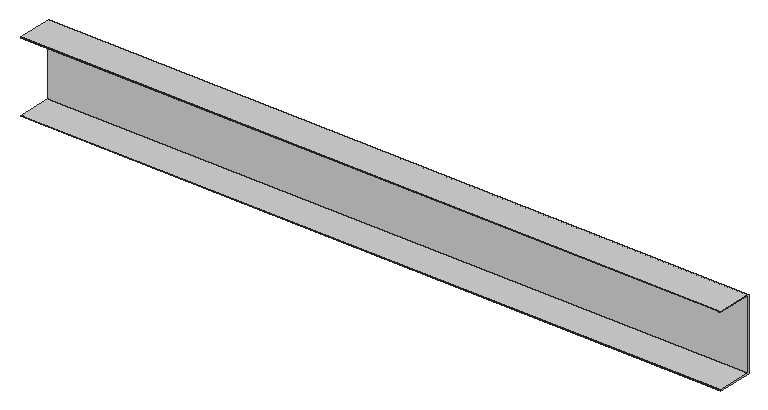
Revit family "BIMSF-SSMA-T-Horizontal-STRUCTURAL", category Structural Framing, Revit 2024
Family settings
  Section Shape = C Profile
  Material for Model Behavior = Steel
  Always export as geometry = No
  Always vertical = Yes
  Cut with Voids When Loaded = No
  Symbolic Representation = From Project Settings
  Shared = No
  Show family pre-cut in plan views = Yes
Parameters (values of type "600T300-33(33)")
  tf1 = 0' - 0"
  temp_tf = if(tf < 0' 0 1/32", 0' 0 1/32", tf)  # 0' - 0.035"
  r = 0' - 0.035"
  Weight = 0.00 lbf/ft
  Vy = 0.00 lbf
  Sx = 0.00 in³
  Structural Material [instance] = Metal - Steel - ASTM A992
  Short Tag = ""
  Reported Length [instance] = 5' - 0"
  Mx = 0.00 kip-ft
  Model = "V2"
  Long Tag = ""
  Iy = 0.00 in⁴
  Ix = 0.00 in⁴
  Fy = 0.00 ksi
  DimpleLine = 0' - 0"
  Area = 0.00 in²
  Assembly Code = "B10"
  Length [instance] = 5' - 0"
  bf = 0' - 3"
  d = 0' - 6"
  tf = 0' - 0.035"
Reference planes (in)
  plane 1 "Center (Front/Back)": y = 0
  plane 2: z = 0
  plane 3 "Center (Left/Right)": x = 0.1815
  plane 4 "Top": z = 3.035
  plane 5: z = -3.035
  plane 6 "Left": x = -29.8185
  plane 7 "Right": x = 30.1815
  plane 8: y = -1.5
  plane 9: y = 1.5
  plane 10: y = 1.465
  plane 11: z = 3
  plane 12: z = -3
Forms (in)
  Extrusion 1, solid, material "Metal - Steel - ASTM A992" <- "Structural Material", detail levels medium+fine
    sketch origin (-29.8185, 0.02734, 0.16016) x (0, -1, 0) y (0, 0, 1)
      loop
        line (1.52734, 2.87484) -> (-1.47266, 2.87484) -> (-1.47266, -3.19516) -> (1.52734, -3.19516) -> (1.52734, -3.16016) -> (-1.43766, -3.16016) -> (-1.43766, 2.83984) -> (1.52734, 2.83984) -> (1.52734, 2.87484)
    from -60 to 0
Lines and regions (in)
  model lines, style "BIMSF.Framing", not visible, detail levels coarse
    curve 1: line (-29.8185, 0, 0) -> (30.1815, 0, 0)
Dimensions and locks (in)
  "d": plane 12 to plane 11
  equal spacing: plane 5, plane 2, plane 4 "Top"
  "Length": plane 6 "Left" to plane 7 "Right"
  "bf": plane 9 to plane 8
  equal spacing: plane 9, plane 1 "Center (Front/Back)", plane 8
  "tf": plane 4 "Top" to plane 11
  "tf": plane 12 to plane 5
  "tf": plane 9 to plane 10
  "Reported Length": plane 6 "Left" to plane 7 "Right"
  aligned and locked: Extrusion 1 sketch curve to plane 4 "Top"
  aligned and locked: plane 8 to Extrusion 1 sketch curve  (x2)
  aligned and locked: Extrusion 1 sketch curve to plane 11
  aligned and locked: plane 10 to Extrusion 1 sketch curve
  aligned and locked: plane 12 to Extrusion 1 sketch curve
  aligned and locked: plane 5 to Extrusion 1 sketch curve
  aligned and locked: Extrusion 1 sketch curve to plane 9
  aligned and locked: plane 2 to level
  aligned and locked: Extrusion 1 to plane 7 "Right"
  aligned and locked: plane 6 "Left" to Extrusion 1
  aligned and locked: plane 1 "Center (Front/Back)" to curve 1
  aligned and locked: plane 6 "Left" to curve 1
  aligned and locked: plane 7 "Right" to curve 1
Types in the file's own list only (197): name | temp_tf | r | Weight | Vy | Sx | Mx | Iy | Ix | Fy | Area | bf | d | tf
  162T125-27(33) | 0' - 0" | 0' - 0" | 0.40 lbf/ft | 541.00 lb | 0.04 in³ | 0.07 kip-ft | 0.02 in⁴ | 0.05 in⁴ | 33.00 ksi | 0.12 in² | 0' - 1 1/2" | 0' - 1 1/2" | 0' - 0"
  162T125-30(33) | 0' - 0" | 0' - 0" | 0.44 lbf/ft | 597.00 lb | 0.05 in³ | 0.08 kip-ft | 0.02 in⁴ | 0.06 in⁴ | 33.00 ksi | 0.13 in² | 0' - 1 1/2" | 0' - 1 1/2" | 0' - 0"
  162T125-33(33) | 0' - 0" | 0' - 0" | 0.49 lbf/ft | 663.00 lb | 0.06 in³ | 0.10 kip-ft | 0.02 in⁴ | 0.07 in⁴ | 33.00 ksi | 0.14 in² | 0' - 1 1/2" | 0' - 1 1/2" | 0' - 0"
  250T125-27(33) | 0' - 0" | 0' - 0" | 0.48 lbf/ft | 685.00 lb | 0.08 in³ | 0.14 kip-ft | 0.02 in⁴ | 0.13 in⁴ | 33.00 ksi | 0.14 in² | 0' - 1 1/2" | 0' - 2 1/2" | 0' - 0"
  250T125-30(33) | 0' - 0" | 0' - 0" | 0.53 lbf/ft | 832.00 lb | 0.09 in³ | 0.15 kip-ft | 0.03 in⁴ | 0.15 in⁴ | 33.00 ksi | 0.16 in² | 0' - 1 1/2" | 0' - 2 1/2" | 0' - 0"
  250T125-33(33) | 0' - 0" | 0' - 0" | 0.59 lbf/ft | 1024.00 lb | 0.10 in³ | 0.17 kip-ft | 0.03 in⁴ | 0.17 in⁴ | 33.00 ksi | 0.17 in² | 0' - 1 1/2" | 0' - 2 1/2" | 0' - 0"
  250T125-43(33) | 0' - 0" | 0' - 0" | 0.77 lbf/ft | 1356.00 lb | 0.15 in³ | 0.24 kip-ft | 0.04 in⁴ | 0.23 in⁴ | 33.00 ksi | 0.23 in² | 0' - 1 1/2" | 0' - 2 1/2" | 0' - 0"
  250T125-54(50) | 0' - 0" | 0' - 0" | 0.96 lbf/ft | 2563.00 lb | 0.19 in³ | 0.47 kip-ft | 0.04 in⁴ | 0.30 in⁴ | 50.00 ksi | 0.28 in² | 0' - 1 1/2" | 0' - 2 1/2" | 0' - 0"
  250T125-68(50) | 0' - 0" | 0' - 0" | 1.21 lbf/ft | 3199.00 lb | 0.26 in³ | 0.65 kip-ft | 0.05 in⁴ | 0.40 in⁴ | 50.00 ksi | 0.36 in² | 0' - 1 1/2" | 0' - 2 1/2" | 0' - 0"
  250T150-27(33) | 0' - 0" | 0' - 0" | 0.53 lbf/ft | 685.00 lb | 0.08 in³ | 0.13 kip-ft | 0.04 in⁴ | 0.14 in⁴ | 33.00 ksi | 0.16 in² | 0' - 1 1/2" | 0' - 2 1/2" | 0' - 0"
  250T150-30(33) | 0' - 0" | 0' - 0" | 0.58 lbf/ft | 832.00 lb | 0.09 in³ | 0.15 kip-ft | 0.04 in⁴ | 0.16 in⁴ | 33.00 ksi | 0.17 in² | 0' - 1 1/2" | 0' - 2 1/2" | 0' - 0"
  250T150-33(33) | 0' - 0" | 0' - 0" | 0.65 lbf/ft | 1024.00 lb | 0.11 in³ | 0.18 kip-ft | 0.05 in⁴ | 0.18 in⁴ | 33.00 ksi | 0.19 in² | 0' - 1 1/2" | 0' - 2 1/2" | 0' - 0"
  250T150-43(33) | 0' - 0" | 0' - 0" | 0.84 lbf/ft | 1356.00 lb | 0.15 in³ | 0.25 kip-ft | 0.06 in⁴ | 0.25 in⁴ | 33.00 ksi | 0.25 in² | 0' - 1 1/2" | 0' - 2 1/2" | 0' - 0"
  250T150-54(33) | 0' - 0" | 0' - 0" | 1.06 lbf/ft | 1692.00 lb | 0.21 in³ | 0.35 kip-ft | 0.07 in⁴ | 0.34 in⁴ | 33.00 ksi | 0.31 in² | 0' - 1 1/2" | 0' - 2 1/2" | 0' - 0"
  250T150-54(50) | 0' - 0" | 0' - 0" | 1.06 lbf/ft | 2563.00 lb | 0.20 in³ | 0.49 kip-ft | 0.07 in⁴ | 0.33 in⁴ | 50.00 ksi | 0.31 in² | 0' - 1 1/2" | 0' - 2 1/2" | 0' - 0"
  250T150-68(33) | 0' - 0" | 0' - 0" | 1.33 lbf/ft | 2111.00 lb | 0.30 in³ | 0.49 kip-ft | 0.09 in⁴ | 0.47 in⁴ | 33.00 ksi | 0.39 in² | 0' - 1 1/2" | 0' - 2 1/2" | 0' - 0"
  250T150-68(50) | 0' - 0" | 0' - 0" | 1.33 lbf/ft | 3199.00 lb | 0.28 in³ | 0.69 kip-ft | 0.09 in⁴ | 0.46 in⁴ | 50.00 ksi | 0.39 in² | 0' - 1 1/2" | 0' - 2 1/2" | 0' - 0"
  250T200-33(33) | 0' - 0" | 0' - 0" | 0.76 lbf/ft | 1024.00 lb | 0.11 in³ | 0.19 kip-ft | 0.10 in⁴ | 0.20 in⁴ | 33.00 ksi | 0.23 in² | 0' - 2" | 0' - 2 1/2" | 0' - 0"
  250T200-43(33) | 0' - 0" | 0' - 0" | 1.00 lbf/ft | 1356.00 lb | 0.16 in³ | 0.27 kip-ft | 0.13 in⁴ | 0.29 in⁴ | 33.00 ksi | 0.29 in² | 0' - 2" | 0' - 2 1/2" | 0' - 0"
  250T200-54(33) | 0' - 0" | 0' - 0" | 1.25 lbf/ft | 1692.00 lb | 0.23 in³ | 0.38 kip-ft | 0.16 in⁴ | 0.40 in⁴ | 33.00 ksi | 0.37 in² | 0' - 2" | 0' - 2 1/2" | 0' - 0"
  250T200-54(50) | 0' - 0" | 0' - 0" | 1.25 lbf/ft | 2563.00 lb | 0.21 in³ | 0.52 kip-ft | 0.16 in⁴ | 0.37 in⁴ | 50.00 ksi | 0.37 in² | 0' - 2" | 0' - 2 1/2" | 0' - 0"
  250T200-68(33) | 0' - 0" | 0' - 0" | 1.57 lbf/ft | 2111.00 lb | 0.32 in³ | 0.53 kip-ft | 0.20 in⁴ | 0.55 in⁴ | 33.00 ksi | 0.46 in² | 0' - 2" | 0' - 2 1/2" | 0' - 0"
  250T200-68(50) | 0' - 0" | 0' - 0" | 1.57 lbf/ft | 3199.00 lb | 0.30 in³ | 0.74 kip-ft | 0.20 in⁴ | 0.52 in⁴ | 50.00 ksi | 0.46 in² | 0' - 2" | 0' - 2 1/2" | 0' - 0"
  350T125-18(33) | 0' - 0" | 0' - 0" | 0.38 lbf/ft | 175.00 lb | 0.06 in³ | 0.10 kip-ft | 0.02 in⁴ | 0.17 in⁴ | 33.00 ksi | 0.11 in² | 0' - 1 1/2" | 0' - 3 1/2" | 0' - 0"
  350T125-27(33) | 0' - 0" | 0' - 0" | 0.58 lbf/ft | 590.00 lb | 0.13 in³ | 0.21 kip-ft | 0.03 in⁴ | 0.28 in⁴ | 33.00 ksi | 0.17 in² | 0' - 1 1/2" | 0' - 3 1/2" | 0' - 0"
  350T125-30(33) | 0' - 0" | 0' - 0" | 0.64 lbf/ft | 790.00 lb | 0.15 in³ | 0.24 kip-ft | 0.03 in⁴ | 0.31 in⁴ | 33.00 ksi | 0.19 in² | 0' - 1 1/2" | 0' - 3 1/2" | 0' - 0"
  350T125-33(33) | 0' - 0" | 0' - 0" | 0.71 lbf/ft | 1024.00 lb | 0.17 in³ | 0.27 kip-ft | 0.03 in⁴ | 0.35 in⁴ | 33.00 ksi | 0.21 in² | 0' - 1 1/2" | 0' - 3 1/2" | 0' - 0"
  350T125-43(33) | 0' - 0" | 0' - 0" | 0.92 lbf/ft | 1739.00 lb | 0.23 in³ | 0.38 kip-ft | 0.04 in⁴ | 0.49 in⁴ | 33.00 ksi | 0.27 in² | 0' - 1 1/2" | 0' - 3 1/2" | 0' - 0"
  350T125-54(33) | 0' - 0" | 0' - 0" | 1.15 lbf/ft | 2392.00 lb | 0.32 in³ | 0.52 kip-ft | 0.05 in⁴ | 0.65 in⁴ | 33.00 ksi | 0.34 in² | 0' - 1 1/2" | 0' - 3 1/2" | 0' - 0"
  350T125-54(50) | 0' - 0" | 0' - 0" | 1.15 lbf/ft | 3372.00 lb | 0.30 in³ | 0.74 kip-ft | 0.05 in⁴ | 0.63 in⁴ | 50.00 ksi | 0.34 in² | 0' - 1 1/2" | 0' - 3 1/2" | 0' - 0"
  350T125-68(33) | 0' - 0" | 0' - 0" | 1.45 lbf/ft | 2994.00 lb | 0.41 in³ | 0.71 kip-ft | 0.06 in⁴ | 0.84 in⁴ | 33.00 ksi | 0.43 in² | 0' - 1 1/2" | 0' - 3 1/2" | 0' - 0"
  350T125-68(50) | 0' - 0" | 0' - 0" | 1.45 lbf/ft | 4536.00 lb | 0.43 in³ | 1.02 kip-ft | 0.06 in⁴ | 0.85 in⁴ | 50.00 ksi | 0.43 in² | 0' - 1 1/2" | 0' - 3 1/2" | 0' - 0"
  350T150-27(33) | 0' - 0" | 0' - 0" | 0.63 lbf/ft | 590.00 lb | 0.13 in³ | 0.22 kip-ft | 0.04 in⁴ | 0.30 in⁴ | 33.00 ksi | 0.18 in² | 0' - 1 1/2" | 0' - 3 1/2" | 0' - 0"
  350T150-30(33) | 0' - 0" | 0' - 0" | 0.69 lbf/ft | 790.00 lb | 0.15 in³ | 0.25 kip-ft | 0.05 in⁴ | 0.34 in⁴ | 33.00 ksi | 0.20 in² | 0' - 1 1/2" | 0' - 3 1/2" | 0' - 0"
  350T150-33(33) | 0' - 0" | 0' - 0" | 0.76 lbf/ft | 1024.00 lb | 0.17 in³ | 0.28 kip-ft | 0.05 in⁴ | 0.38 in⁴ | 33.00 ksi | 0.23 in² | 0' - 1 1/2" | 0' - 3 1/2" | 0' - 0"
  350T150-43(33) | 0' - 0" | 0' - 0" | 1.00 lbf/ft | 1739.00 lb | 0.24 in³ | 0.40 kip-ft | 0.06 in⁴ | 0.53 in⁴ | 33.00 ksi | 0.29 in² | 0' - 1 1/2" | 0' - 3 1/2" | 0' - 0"
  350T150-54(33) | 0' - 0" | 0' - 0" | 1.25 lbf/ft | 2392.00 lb | 0.33 in³ | 0.55 kip-ft | 0.08 in⁴ | 0.71 in⁴ | 33.00 ksi | 0.37 in² | 0' - 1 1/2" | 0' - 3 1/2" | 0' - 0"
  350T150-54(50) | 0' - 0" | 0' - 0" | 1.25 lbf/ft | 3372.00 lb | 0.31 in³ | 0.77 kip-ft | 0.08 in⁴ | 0.68 in⁴ | 50.00 ksi | 0.37 in² | 0' - 1 1/2" | 0' - 3 1/2" | 0' - 0"
  350T150-68(33) | 0' - 0" | 0' - 0" | 1.57 lbf/ft | 2994.00 lb | 0.43 in³ | 0.76 kip-ft | 0.10 in⁴ | 0.92 in⁴ | 33.00 ksi | 0.46 in² | 0' - 1 1/2" | 0' - 3 1/2" | 0' - 0"
  350T150-68(50) | 0' - 0" | 0' - 0" | 1.57 lbf/ft | 4536.00 lb | 0.46 in³ | 1.07 kip-ft | 0.10 in⁴ | 0.96 in⁴ | 50.00 ksi | 0.46 in² | 0' - 1 1/2" | 0' - 3 1/2" | 0' - 0"
  350T200-33(33) | 0' - 0" | 0' - 0" | 0.88 lbf/ft | 1024.00 lb | 0.18 in³ | 0.30 kip-ft | 0.11 in⁴ | 0.43 in⁴ | 33.00 ksi | 0.26 in² | 0' - 2" | 0' - 3 1/2" | 0' - 0"
  350T200-43(33) | 0' - 0" | 0' - 0" | 1.15 lbf/ft | 1739.00 lb | 0.26 in³ | 0.42 kip-ft | 0.14 in⁴ | 0.60 in⁴ | 33.00 ksi | 0.34 in² | 0' - 2" | 0' - 3 1/2" | 0' - 0"
  350T200-54(33) | 0' - 0" | 0' - 0" | 1.44 lbf/ft | 2392.00 lb | 0.36 in³ | 0.58 kip-ft | 0.18 in⁴ | 0.81 in⁴ | 33.00 ksi | 0.42 in² | 0' - 2" | 0' - 3 1/2" | 0' - 0"
  350T200-54(50) | 0' - 0" | 0' - 0" | 1.44 lbf/ft | 3372.00 lb | 0.33 in³ | 0.82 kip-ft | 0.18 in⁴ | 0.77 in⁴ | 50.00 ksi | 0.42 in² | 0' - 2" | 0' - 3 1/2" | 0' - 0"
  350T200-68(33) | 0' - 0" | 0' - 0" | 1.82 lbf/ft | 2994.00 lb | 0.50 in³ | 0.82 kip-ft | 0.22 in⁴ | 1.11 in⁴ | 33.00 ksi | 0.53 in² | 0' - 2" | 0' - 3 1/2" | 0' - 0"
  350T200-68(50) | 0' - 0" | 0' - 0" | 1.82 lbf/ft | 4536.00 lb | 0.46 in³ | 1.14 kip-ft | 0.22 in⁴ | 1.05 in⁴ | 50.00 ksi | 0.53 in² | 0' - 2" | 0' - 3 1/2" | 0' - 0"
  362T125-18(33) | 0' - 0" | 0' - 0" | 0.39 lbf/ft | 169.00 lb | 0.07 in³ | 0.11 kip-ft | 0.02 in⁴ | 0.19 in⁴ | 33.00 ksi | 0.12 in² | 0' - 1 1/2" | 0' - 3 1/2" | 0' - 0"
  362T125-27(33) | 0' - 0" | 0' - 0" | 0.59 lbf/ft | 569.00 lb | 0.14 in³ | 0.22 kip-ft | 0.03 in⁴ | 0.30 in⁴ | 33.00 ksi | 0.17 in² | 0' - 1 1/2" | 0' - 3 1/2" | 0' - 0"
  362T125-30(33) | 0' - 0" | 0' - 0" | 0.65 lbf/ft | 762.00 lb | 0.15 in³ | 0.25 kip-ft | 0.03 in⁴ | 0.34 in⁴ | 33.00 ksi | 0.19 in² | 0' - 1 1/2" | 0' - 3 1/2" | 0' - 0"
  362T125-33(33) | 0' - 0" | 0' - 0" | 0.72 lbf/ft | 1024.00 lb | 0.17 in³ | 0.29 kip-ft | 0.03 in⁴ | 0.38 in⁴ | 33.00 ksi | 0.21 in² | 0' - 1 1/2" | 0' - 3 1/2" | 0' - 0"
  362T125-43(33) | 0' - 0" | 0' - 0" | 0.94 lbf/ft | 1739.00 lb | 0.25 in³ | 0.40 kip-ft | 0.04 in⁴ | 0.53 in⁴ | 33.00 ksi | 0.28 in² | 0' - 1 1/2" | 0' - 3 1/2" | 0' - 0"
  362T125-54(33) | 0' - 0" | 0' - 0" | 1.18 lbf/ft | 2480.00 lb | 0.33 in³ | 0.55 kip-ft | 0.05 in⁴ | 0.71 in⁴ | 33.00 ksi | 0.35 in² | 0' - 1 1/2" | 0' - 3 1/2" | 0' - 0"
  362T125-54(50) | 0' - 0" | 0' - 0" | 1.18 lbf/ft | 3372.00 lb | 0.31 in³ | 0.78 kip-ft | 0.05 in⁴ | 0.68 in⁴ | 50.00 ksi | 0.35 in² | 0' - 1 1/2" | 0' - 3 1/2" | 0' - 0"
  362T125-68(33) | 0' - 0" | 0' - 0" | 1.48 lbf/ft | 3104.00 lb | 0.45 in³ | 0.75 kip-ft | 0.06 in⁴ | 0.92 in⁴ | 33.00 ksi | 0.44 in² | 0' - 1 1/2" | 0' - 3 1/2" | 0' - 0"
  362T125-68(50) | 0' - 0" | 0' - 0" | 1.48 lbf/ft | 4703.00 lb | 0.43 in³ | 1.07 kip-ft | 0.06 in⁴ | 0.91 in⁴ | 50.00 ksi | 0.44 in² | 0' - 1 1/2" | 0' - 3 1/2" | 0' - 0"
  362T150-27(33) | 0' - 0" | 0' - 0" | 0.64 lbf/ft | 569.00 lb | 0.14 in³ | 0.23 kip-ft | 0.04 in⁴ | 0.32 in⁴ | 33.00 ksi | 0.19 in² | 0' - 1 1/2" | 0' - 3 1/2" | 0' - 0"
  362T150-30(33) | 0' - 0" | 0' - 0" | 0.70 lbf/ft | 762.00 lb | 0.16 in³ | 0.26 kip-ft | 0.05 in⁴ | 0.36 in⁴ | 33.00 ksi | 0.21 in² | 0' - 1 1/2" | 0' - 3 1/2" | 0' - 0"
  362T150-33(33) | 0' - 0" | 0' - 0" | 0.78 lbf/ft | 1024.00 lb | 0.18 in³ | 0.30 kip-ft | 0.05 in⁴ | 0.41 in⁴ | 33.00 ksi | 0.23 in² | 0' - 1 1/2" | 0' - 3 1/2" | 0' - 0"
  362T150-43(33) | 0' - 0" | 0' - 0" | 1.02 lbf/ft | 1739.00 lb | 0.26 in³ | 0.42 kip-ft | 0.06 in⁴ | 0.57 in⁴ | 33.00 ksi | 0.30 in² | 0' - 1 1/2" | 0' - 3 1/2" | 0' - 0"
  362T150-54(33) | 0' - 0" | 0' - 0" | 1.27 lbf/ft | 2480.00 lb | 0.35 in³ | 0.57 kip-ft | 0.08 in⁴ | 0.77 in⁴ | 33.00 ksi | 0.37 in² | 0' - 1 1/2" | 0' - 3 1/2" | 0' - 0"
  362T150-54(50) | 0' - 0" | 0' - 0" | 1.27 lbf/ft | 3372.00 lb | 0.33 in³ | 0.81 kip-ft | 0.08 in⁴ | 0.74 in⁴ | 50.00 ksi | 0.37 in² | 0' - 1 1/2" | 0' - 3 1/2" | 0' - 0"
  362T150-68(33) | 0' - 0" | 0' - 0" | 1.60 lbf/ft | 3104.00 lb | 0.48 in³ | 0.79 kip-ft | 0.10 in⁴ | 1.03 in⁴ | 33.00 ksi | 0.47 in² | 0' - 1 1/2" | 0' - 3 1/2" | 0' - 0"
  362T150-68(50) | 0' - 0" | 0' - 0" | 1.60 lbf/ft | 4703.00 lb | 0.45 in³ | 1.12 kip-ft | 0.10 in⁴ | 0.99 in⁴ | 50.00 ksi | 0.47 in² | 0' - 1 1/2" | 0' - 3 1/2" | 0' - 0"
  362T200-33(33) | 0' - 0" | 0' - 0" | 0.90 lbf/ft | 1024.00 lb | 0.19 in³ | 0.31 kip-ft | 0.11 in⁴ | 0.46 in⁴ | 33.00 ksi | 0.26 in² | 0' - 2" | 0' - 3 1/2" | 0' - 0"
  362T200-43(33) | 0' - 0" | 0' - 0" | 1.17 lbf/ft | 1739.00 lb | 0.27 in³ | 0.45 kip-ft | 0.14 in⁴ | 0.65 in⁴ | 33.00 ksi | 0.34 in² | 0' - 2" | 0' - 3 1/2" | 0' - 0"
  362T200-54(33) | 0' - 0" | 0' - 0" | 1.47 lbf/ft | 2480.00 lb | 0.37 in³ | 0.61 kip-ft | 0.18 in⁴ | 0.88 in⁴ | 33.00 ksi | 0.43 in² | 0' - 2" | 0' - 3 1/2" | 0' - 0"
  362T200-54(50) | 0' - 0" | 0' - 0" | 1.47 lbf/ft | 3372.00 lb | 0.35 in³ | 0.86 kip-ft | 0.18 in⁴ | 0.83 in⁴ | 50.00 ksi | 0.43 in² | 0' - 2" | 0' - 3 1/2" | 0' - 0"
  362T200-68(33) | 0' - 0" | 0' - 0" | 1.85 lbf/ft | 3104.00 lb | 0.52 in³ | 0.86 kip-ft | 0.22 in⁴ | 1.20 in⁴ | 33.00 ksi | 0.54 in² | 0' - 2" | 0' - 3 1/2" | 0' - 0"
  362T200-68(50) | 0' - 0" | 0' - 0" | 1.85 lbf/ft | 4703.00 lb | 0.48 in³ | 1.20 kip-ft | 0.22 in⁴ | 1.14 in⁴ | 50.00 ksi | 0.54 in² | 0' - 2" | 0' - 3 1/2" | 0' - 0"
  400T125-18(33) | 0' - 0" | 0' - 0" | 0.41 lbf/ft | 153.00 lb | 0.07 in³ | 0.12 kip-ft | 0.02 in⁴ | 0.24 in⁴ | 33.00 ksi | 0.12 in² | 0' - 1 1/2" | 0' - 4" | 0' - 0"
  400T125-27(33) | 0' - 0" | 0' - 0" | 0.63 lbf/ft | 515.00 lb | 0.16 in³ | 0.26 kip-ft | 0.03 in⁴ | 0.38 in⁴ | 33.00 ksi | 0.18 in² | 0' - 1 1/2" | 0' - 4" | 0' - 0"
  400T125-30(33) | 0' - 0" | 0' - 0" | 0.69 lbf/ft | 689.00 lb | 0.18 in³ | 0.29 kip-ft | 0.03 in⁴ | 0.43 in⁴ | 33.00 ksi | 0.20 in² | 0' - 1 1/2" | 0' - 4" | 0' - 0"
  400T125-33(33) | 0' - 0" | 0' - 0" | 0.76 lbf/ft | 940.00 lb | 0.20 in³ | 0.33 kip-ft | 0.03 in⁴ | 0.48 in⁴ | 33.00 ksi | 0.23 in² | 0' - 1 1/2" | 0' - 4" | 0' - 0"
  400T125-43(33) | 0' - 0" | 0' - 0" | 1.00 lbf/ft | 1739.00 lb | 0.28 in³ | 0.46 kip-ft | 0.04 in⁴ | 0.67 in⁴ | 33.00 ksi | 0.29 in² | 0' - 1 1/2" | 0' - 4" | 0' - 0"
  400T125-54(33) | 0' - 0" | 0' - 0" | 1.25 lbf/ft | 2739.00 lb | 0.38 in³ | 0.63 kip-ft | 0.05 in⁴ | 0.88 in⁴ | 33.00 ksi | 0.37 in² | 0' - 1 1/2" | 0' - 4" | 0' - 0"
  400T125-54(50) | 0' - 0" | 0' - 0" | 1.25 lbf/ft | 3372.00 lb | 0.36 in³ | 0.90 kip-ft | 0.05 in⁴ | 0.85 in⁴ | 50.00 ksi | 0.37 in² | 0' - 1 1/2" | 0' - 4" | 0' - 0"
  400T125-68(33) | 0' - 0" | 0' - 0" | 1.57 lbf/ft | 3435.00 lb | 0.52 in³ | 0.85 kip-ft | 0.06 in⁴ | 1.15 in⁴ | 33.00 ksi | 0.46 in² | 0' - 1 1/2" | 0' - 4" | 0' - 0"
  400T125-68(50) | 0' - 0" | 0' - 0" | 1.57 lbf/ft | 5205.00 lb | 0.49 in³ | 1.22 kip-ft | 0.06 in⁴ | 1.13 in⁴ | 50.00 ksi | 0.46 in² | 0' - 1 1/2" | 0' - 4" | 0' - 0"
  400T150-27(33) | 0' - 0" | 0' - 0" | 0.67 lbf/ft | 515.00 lb | 0.15 in³ | 0.25 kip-ft | 0.04 in⁴ | 0.41 in⁴ | 33.00 ksi | 0.20 in² | 0' - 1 1/2" | 0' - 4" | 0' - 0"
  400T150-30(33) | 0' - 0" | 0' - 0" | 0.74 lbf/ft | 689.00 lb | 0.18 in³ | 0.30 kip-ft | 0.05 in⁴ | 0.46 in⁴ | 33.00 ksi | 0.22 in² | 0' - 1 1/2" | 0' - 4" | 0' - 0"
  400T150-33(33) | 0' - 0" | 0' - 0" | 0.82 lbf/ft | 940.00 lb | 0.21 in³ | 0.34 kip-ft | 0.05 in⁴ | 0.52 in⁴ | 33.00 ksi | 0.24 in² | 0' - 1 1/2" | 0' - 4" | 0' - 0"
  400T150-43(33) | 0' - 0" | 0' - 0" | 1.07 lbf/ft | 1739.00 lb | 0.29 in³ | 0.48 kip-ft | 0.07 in⁴ | 0.72 in⁴ | 33.00 ksi | 0.32 in² | 0' - 1 1/2" | 0' - 4" | 0' - 0"
  400T150-54(33) | 0' - 0" | 0' - 0" | 1.35 lbf/ft | 2739.00 lb | 0.40 in³ | 0.66 kip-ft | 0.08 in⁴ | 0.96 in⁴ | 33.00 ksi | 0.40 in² | 0' - 1 1/2" | 0' - 4" | 0' - 0"
  400T150-54(50) | 0' - 0" | 0' - 0" | 1.35 lbf/ft | 3372.00 lb | 0.37 in³ | 0.93 kip-ft | 0.08 in⁴ | 0.92 in⁴ | 50.00 ksi | 0.40 in² | 0' - 1 1/2" | 0' - 4" | 0' - 0"
  400T150-68(33) | 0' - 0" | 0' - 0" | 1.69 lbf/ft | 3435.00 lb | 0.55 in³ | 0.90 kip-ft | 0.10 in⁴ | 1.29 in⁴ | 33.00 ksi | 0.50 in² | 0' - 1 1/2" | 0' - 4" | 0' - 0"
  400T150-68(50) | 0' - 0" | 0' - 0" | 1.69 lbf/ft | 5205.00 lb | 0.51 in³ | 1.28 kip-ft | 0.10 in⁴ | 1.24 in⁴ | 50.00 ksi | 0.50 in² | 0' - 1 1/2" | 0' - 4" | 0' - 0"
  400T200-33(33) | 0' - 0" | 0' - 0" | 0.94 lbf/ft | 940.00 lb | 0.22 in³ | 0.36 kip-ft | 0.11 in⁴ | 0.58 in⁴ | 33.00 ksi | 0.28 in² | 0' - 2" | 0' - 4" | 0' - 0"
  400T200-43(33) | 0' - 0" | 0' - 0" | 1.23 lbf/ft | 1739.00 lb | 0.31 in³ | 0.51 kip-ft | 0.15 in⁴ | 0.81 in⁴ | 33.00 ksi | 0.36 in² | 0' - 2" | 0' - 4" | 0' - 0"
  400T200-54(33) | 0' - 0" | 0' - 0" | 1.54 lbf/ft | 2739.00 lb | 0.43 in³ | 0.70 kip-ft | 0.18 in⁴ | 1.09 in⁴ | 33.00 ksi | 0.45 in² | 0' - 2" | 0' - 4" | 0' - 0"
  400T200-54(50) | 0' - 0" | 0' - 0" | 1.54 lbf/ft | 3372.00 lb | 0.40 in³ | 0.99 kip-ft | 0.18 in⁴ | 1.04 in⁴ | 50.00 ksi | 0.45 in² | 0' - 2" | 0' - 4" | 0' - 0"
  400T200-68(33) | 0' - 0" | 0' - 0" | 1.94 lbf/ft | 3435.00 lb | 0.59 in³ | 0.97 kip-ft | 0.23 in⁴ | 1.49 in⁴ | 33.00 ksi | 0.57 in² | 0' - 2" | 0' - 4" | 0' - 0"
  400T200-68(50) | 0' - 0" | 0' - 0" | 1.94 lbf/ft | 5205.00 lb | 0.55 in³ | 1.37 kip-ft | 0.23 in⁴ | 1.41 in⁴ | 50.00 ksi | 0.57 in² | 0' - 2" | 0' - 4" | 0' - 0"
  550T125-33(33) | 0' - 0" | 0' - 0" | 0.94 lbf/ft | 680.00 lb | 0.27 in³ | 0.44 kip-ft | 0.03 in⁴ | 1.03 in⁴ | 33.00 ksi | 0.28 in² | 0' - 1 1/2" | 0' - 5 1/2" | 0' - 0"
  550T125-43(33) | 0' - 0" | 0' - 0" | 1.23 lbf/ft | 1504.00 lb | 0.42 in³ | 0.69 kip-ft | 0.03 in⁴ | 1.43 in⁴ | 33.00 ksi | 0.36 in² | 0' - 1 1/2" | 0' - 5 1/2" | 0' - 0"
  550T125-54(33) | 0' - 0" | 0' - 0" | 1.54 lbf/ft | 2739.00 lb | 0.60 in³ | 0.98 kip-ft | 0.03 in⁴ | 1.86 in⁴ | 33.00 ksi | 0.45 in² | 0' - 1 1/2" | 0' - 5 1/2" | 0' - 0"
  550T125-54(50) | 0' - 0" | 0' - 0" | 1.54 lbf/ft | 2980.00 lb | 0.54 in³ | 1.33 kip-ft | 0.03 in⁴ | 1.81 in⁴ | 50.00 ksi | 0.45 in² | 0' - 1 1/2" | 0' - 5 1/2" | 0' - 0"
  550T125-68(33) | 0' - 0" | 0' - 0" | 1.94 lbf/ft | 4347.00 lb | 0.81 in³ | 1.33 kip-ft | 0.04 in⁴ | 2.41 in⁴ | 33.00 ksi | 0.57 in² | 0' - 1 1/2" | 0' - 5 1/2" | 0' - 0"
  550T125-68(50) | 0' - 0" | 0' - 0" | 1.94 lbf/ft | 5350.00 lb | 0.77 in³ | 1.92 kip-ft | 0.04 in⁴ | 2.38 in⁴ | 50.00 ksi | 0.57 in² | 0' - 1 1/2" | 0' - 5 1/2" | 0' - 0"
  550T150-33(33) | 0' - 0" | 0' - 0" | 1.00 lbf/ft | 680.00 lb | 0.31 in³ | 0.51 kip-ft | 0.05 in⁴ | 1.12 in⁴ | 33.00 ksi | 0.29 in² | 0' - 1 1/2" | 0' - 5 1/2" | 0' - 0"
  550T150-43(33) | 0' - 0" | 0' - 0" | 1.30 lbf/ft | 1504.00 lb | 0.47 in³ | 0.77 kip-ft | 0.07 in⁴ | 1.52 in⁴ | 33.00 ksi | 0.38 in² | 0' - 1 1/2" | 0' - 5 1/2" | 0' - 0"
  550T150-54(33) | 0' - 0" | 0' - 0" | 1.63 lbf/ft | 2739.00 lb | 0.63 in³ | 1.03 kip-ft | 0.07 in⁴ | 2.01 in⁴ | 33.00 ksi | 0.48 in² | 0' - 1 1/2" | 0' - 5 1/2" | 0' - 0"
  550T150-54(50) | 0' - 0" | 0' - 0" | 1.63 lbf/ft | 2980.00 lb | 0.60 in³ | 1.48 kip-ft | 0.07 in⁴ | 1.93 in⁴ | 50.00 ksi | 0.48 in² | 0' - 1 1/2" | 0' - 5 1/2" | 0' - 0"
  550T150-68(33) | 0' - 0" | 0' - 0" | 2.06 lbf/ft | 4347.00 lb | 0.85 in³ | 1.40 kip-ft | 0.09 in⁴ | 2.66 in⁴ | 33.00 ksi | 0.61 in² | 0' - 1 1/2" | 0' - 5 1/2" | 0' - 0"
  550T150-68(50) | 0' - 0" | 0' - 0" | 2.06 lbf/ft | 5350.00 lb | 0.80 in³ | 2.01 kip-ft | 0.09 in⁴ | 2.57 in⁴ | 50.00 ksi | 0.61 in² | 0' - 1 1/2" | 0' - 5 1/2" | 0' - 0"
  550T200-33(33) | 0' - 0" | 0' - 0" | 1.12 lbf/ft | 680.00 lb | 0.31 in³ | 0.51 kip-ft | 0.11 in⁴ | 1.25 in⁴ | 33.00 ksi | 0.33 in² | 0' - 2" | 0' - 5 1/2" | 0' - 0"
  550T200-43(33) | 0' - 0" | 0' - 0" | 1.46 lbf/ft | 1504.00 lb | 0.50 in³ | 0.82 kip-ft | 0.12 in⁴ | 1.69 in⁴ | 33.00 ksi | 0.43 in² | 0' - 2" | 0' - 5 1/2" | 0' - 0"
  550T200-54(33) | 0' - 0" | 0' - 0" | 1.83 lbf/ft | 2739.00 lb | 0.67 in³ | 1.10 kip-ft | 0.20 in⁴ | 2.25 in⁴ | 33.00 ksi | 0.54 in² | 0' - 2" | 0' - 5 1/2" | 0' - 0"
  550T200-54(50) | 0' - 0" | 0' - 0" | 1.83 lbf/ft | 2980.00 lb | 0.63 in³ | 1.57 kip-ft | 0.20 in⁴ | 2.15 in⁴ | 50.00 ksi | 0.54 in² | 0' - 2" | 0' - 5 1/2" | 0' - 0"
  550T200-68(33) | 0' - 0" | 0' - 0" | 2.30 lbf/ft | 4347.00 lb | 0.91 in³ | 1.51 kip-ft | 0.25 in⁴ | 3.03 in⁴ | 33.00 ksi | 0.68 in² | 0' - 2" | 0' - 5 1/2" | 0' - 0"
  550T200-68(50) | 0' - 0" | 0' - 0" | 2.30 lbf/ft | 5350.00 lb | 0.86 in³ | 2.14 kip-ft | 0.25 in⁴ | 2.89 in⁴ | 50.00 ksi | 0.68 in² | 0' - 2" | 0' - 5 1/2" | 0' - 0"
  600T125-33(33) | 0' - 0" | 0' - 0" | 1.00 lbf/ft | 622.00 lb | 0.30 in³ | 0.49 kip-ft | 0.03 in⁴ | 1.26 in⁴ | 33.00 ksi | 0.29 in² | 0' - 1 1/2" | 0' - 6" | 0' - 0"
  600T125-43(33) | 0' - 0" | 0' - 0" | 1.30 lbf/ft | 1377.00 lb | 0.46 in³ | 0.76 kip-ft | 0.03 in⁴ | 1.77 in⁴ | 33.00 ksi | 0.38 in² | 0' - 1 1/2" | 0' - 6" | 0' - 0"
  600T125-54(33) | 0' - 0" | 0' - 0" | 1.63 lbf/ft | 2728.00 lb | 0.69 in³ | 1.10 kip-ft | 0.03 in⁴ | 2.29 in⁴ | 33.00 ksi | 0.48 in² | 0' - 1 1/2" | 0' - 6" | 0' - 0"
  600T125-54(50) | 0' - 0" | 0' - 0" | 1.63 lbf/ft | 2728.00 lb | 0.59 in³ | 1.48 kip-ft | 0.03 in⁴ | 2.24 in⁴ | 50.00 ksi | 0.48 in² | 0' - 1 1/2" | 0' - 6" | 0' - 0"
  600T125-68(33) | 0' - 0" | 0' - 0" | 2.06 lbf/ft | 4347.00 lb | 0.92 in³ | 1.51 kip-ft | 0.04 in⁴ | 2.97 in⁴ | 33.00 ksi | 0.61 in² | 0' - 1 1/2" | 0' - 6" | 0' - 0"
  600T125-68(50) | 0' - 0" | 0' - 0" | 2.06 lbf/ft | 5350.00 lb | 0.86 in³ | 2.14 kip-ft | 0.04 in⁴ | 2.93 in⁴ | 50.00 ksi | 0.61 in² | 0' - 1 1/2" | 0' - 6" | 0' - 0"
  600T125-97(33) | 0' - 0" | 0' - 0" | 2.93 lbf/ft | 7359.00 lb | 1.35 in³ | 2.54 kip-ft | 0.05 in⁴ | 4.28 in⁴ | 33.00 ksi | 0.86 in² | 0' - 1 1/2" | 0' - 6" | 0' - 0"
  600T125-97(50) | 0' - 0" | 0' - 0" | 2.93 lbf/ft | 10885.00 lb | 1.35 in³ | 3.36 kip-ft | 0.05 in⁴ | 4.28 in⁴ | 50.00 ksi | 0.86 in² | 0' - 1 1/2" | 0' - 6" | 0' - 0"
  600T150-33(33) | 0' - 0" | 0' - 0" | 1.06 lbf/ft | 622.00 lb | 0.30 in³ | 0.50 kip-ft | 0.07 in⁴ | 1.33 in⁴ | 33.00 ksi | 0.31 in² | 0' - 1 1/2" | 0' - 6" | 0' - 0"
  600T150-43(33) | 0' - 0" | 0' - 0" | 1.38 lbf/ft | 1377.00 lb | 0.47 in³ | 0.78 kip-ft | 0.09 in⁴ | 1.89 in⁴ | 33.00 ksi | 0.41 in² | 0' - 1 1/2" | 0' - 6" | 0' - 0"
  600T150-54(33) | 0' - 0" | 0' - 0" | 1.73 lbf/ft | 2728.00 lb | 0.71 in³ | 1.14 kip-ft | 0.09 in⁴ | 2.46 in⁴ | 33.00 ksi | 0.51 in² | 0' - 1 1/2" | 0' - 6" | 0' - 0"
  600T150-54(50) | 0' - 0" | 0' - 0" | 1.73 lbf/ft | 2728.00 lb | 0.61 in³ | 1.52 kip-ft | 0.09 in⁴ | 2.40 in⁴ | 50.00 ksi | 0.51 in² | 0' - 1 1/2" | 0' - 6" | 0' - 0"
  600T150-68(33) | 0' - 0" | 0' - 0" | 2.18 lbf/ft | 4347.00 lb | 0.96 in³ | 1.59 kip-ft | 0.11 in⁴ | 3.26 in⁴ | 33.00 ksi | 0.64 in² | 0' - 1 1/2" | 0' - 6" | 0' - 0"
  600T150-68(50) | 0' - 0" | 0' - 0" | 2.18 lbf/ft | 5350.00 lb | 0.89 in³ | 2.22 kip-ft | 0.11 in⁴ | 3.16 in⁴ | 50.00 ksi | 0.64 in² | 0' - 1 1/2" | 0' - 6" | 0' - 0"
  600T150-97(33) | 0' - 0" | 0' - 0" | 3.11 lbf/ft | 7359.00 lb | 1.50 in³ | 2.48 kip-ft | 0.16 in⁴ | 4.78 in⁴ | 33.00 ksi | 0.91 in² | 0' - 1 1/2" | 0' - 6" | 0' - 0"
  600T150-97(50) | 0' - 0" | 0' - 0" | 3.11 lbf/ft | 10885.00 lb | 1.44 in³ | 3.60 kip-ft | 0.16 in⁴ | 4.78 in⁴ | 50.00 ksi | 0.91 in² | 0' - 1 1/2" | 0' - 6" | 0' - 0"
  600T200-33(33) | 0' - 0" | 0' - 0" | 1.18 lbf/ft | 622.00 lb | 0.33 in³ | 0.55 kip-ft | 0.13 in⁴ | 1.54 in⁴ | 33.00 ksi | 0.35 in² | 0' - 2" | 0' - 6" | 0' - 0"
  600T200-43(33) | 0' - 0" | 0' - 0" | 1.53 lbf/ft | 1377.00 lb | 0.57 in³ | 0.93 kip-ft | 0.16 in⁴ | 2.08 in⁴ | 33.00 ksi | 0.45 in² | 0' - 2" | 0' - 6" | 0' - 0"
  600T200-54(33) | 0' - 0" | 0' - 0" | 1.92 lbf/ft | 2728.00 lb | 0.76 in³ | 1.25 kip-ft | 0.20 in⁴ | 2.76 in⁴ | 33.00 ksi | 0.57 in² | 0' - 2" | 0' - 6" | 0' - 0"
  600T200-54(50) | 0' - 0" | 0' - 0" | 1.92 lbf/ft | 2728.00 lb | 0.72 in³ | 1.79 kip-ft | 0.20 in⁴ | 2.64 in⁴ | 50.00 ksi | 0.57 in² | 0' - 2" | 0' - 6" | 0' - 0"
  600T200-68(33) | 0' - 0" | 0' - 0" | 2.42 lbf/ft | 4347.00 lb | 1.03 in³ | 1.70 kip-ft | 0.25 in⁴ | 3.70 in⁴ | 33.00 ksi | 0.71 in² | 0' - 2" | 0' - 6" | 0' - 0"
  600T200-68(50) | 0' - 0" | 0' - 0" | 2.42 lbf/ft | 5350.00 lb | 0.97 in³ | 2.43 kip-ft | 0.25 in⁴ | 3.54 in⁴ | 50.00 ksi | 0.71 in² | 0' - 2" | 0' - 6" | 0' - 0"
  600T200-97(33) | 0' - 0" | 0' - 0" | 3.45 lbf/ft | 7359.00 lb | 1.67 in³ | 2.75 kip-ft | 0.35 in⁴ | 5.77 in⁴ | 33.00 ksi | 1.02 in² | 0' - 2" | 0' - 6" | 0' - 0"
  600T200-97(50) | 0' - 0" | 0' - 0" | 3.45 lbf/ft | 10885.00 lb | 1.57 in³ | 3.91 kip-ft | 0.35 in⁴ | 5.56 in⁴ | 50.00 ksi | 1.02 in² | 0' - 2" | 0' - 6" | 0' - 0"
  800T125-33(33) | 0' - 0" | 0' - 0" | 1.24 lbf/ft | 465.00 lb | 0.41 in³ | 0.67 kip-ft | 0.04 in⁴ | 2.44 in⁴ | 33.00 ksi | 0.36 in² | 0' - 1 1/2" | 0' - 8" | 0' - 0"
  800T125-43(33) | 0' - 0" | 0' - 0" | 1.61 lbf/ft | 1030.00 lb | 0.64 in³ | 1.05 kip-ft | 0.05 in⁴ | 3.48 in⁴ | 33.00 ksi | 0.47 in² | 0' - 1 1/2" | 0' - 8" | 0' - 0"
  800T125-54(33) | 0' - 0" | 0' - 0" | 2.02 lbf/ft | 2039.00 lb | 1.07 in³ | 1.55 kip-ft | 0.06 in⁴ | 4.65 in⁴ | 33.00 ksi | 0.59 in² | 0' - 1 1/2" | 0' - 8" | 0' - 0"
  800T125-54(50) | 0' - 0" | 0' - 0" | 2.02 lbf/ft | 2039.00 lb | 0.82 in³ | 2.06 kip-ft | 0.06 in⁴ | 4.43 in⁴ | 50.00 ksi | 0.59 in² | 0' - 1 1/2" | 0' - 8" | 0' - 0"
  800T125-68(33) | 0' - 0" | 0' - 0" | 2.54 lbf/ft | 4087.00 lb | 1.41 in³ | 2.23 kip-ft | 0.07 in⁴ | 6.00 in⁴ | 33.00 ksi | 0.75 in² | 0' - 1 1/2" | 0' - 8" | 0' - 0"
  800T125-68(50) | 0' - 0" | 0' - 0" | 2.54 lbf/ft | 4087.00 lb | 1.22 in³ | 3.03 kip-ft | 0.07 in⁴ | 5.96 in⁴ | 50.00 ksi | 0.75 in² | 0' - 1 1/2" | 0' - 8" | 0' - 0"
  800T125-97(33) | 0' - 0" | 0' - 0" | 3.63 lbf/ft | 8843.00 lb | 2.06 in³ | 3.40 kip-ft | 0.10 in⁴ | 8.61 in⁴ | 33.00 ksi | 1.07 in² | 0' - 1 1/2" | 0' - 8" | 0' - 0"
  800T125-97(50) | 0' - 0" | 0' - 0" | 3.63 lbf/ft | 10885.00 lb | 2.06 in³ | 5.14 kip-ft | 0.10 in⁴ | 8.61 in⁴ | 50.00 ksi | 1.07 in² | 0' - 1 1/2" | 0' - 8" | 0' - 0"
  800T150-33(33) | 0' - 0" | 0' - 0" | 1.29 lbf/ft | 465.00 lb | 0.41 in³ | 0.68 kip-ft | 0.06 in⁴ | 2.57 in⁴ | 33.00 ksi | 0.38 in² | 0' - 1 1/2" | 0' - 8" | 0' - 0"
  800T150-43(33) | 0' - 0" | 0' - 0" | 1.69 lbf/ft | 1030.00 lb | 0.66 in³ | 1.08 kip-ft | 0.08 in⁴ | 3.69 in⁴ | 33.00 ksi | 0.50 in² | 0' - 1 1/2" | 0' - 8" | 0' - 0"
  800T150-54(33) | 0' - 0" | 0' - 0" | 2.12 lbf/ft | 2039.00 lb | 1.11 in³ | 1.60 kip-ft | 0.10 in⁴ | 4.95 in⁴ | 33.00 ksi | 0.62 in² | 0' - 1 1/2" | 0' - 8" | 0' - 0"
  800T150-54(50) | 0' - 0" | 0' - 0" | 2.12 lbf/ft | 2039.00 lb | 0.84 in³ | 2.11 kip-ft | 0.10 in⁴ | 4.69 in⁴ | 50.00 ksi | 0.62 in² | 0' - 1 1/2" | 0' - 8" | 0' - 0"
  800T150-68(33) | 0' - 0" | 0' - 0" | 2.67 lbf/ft | 4087.00 lb | 1.47 in³ | 2.33 kip-ft | 0.12 in⁴ | 6.51 in⁴ | 33.00 ksi | 0.78 in² | 0' - 1 1/2" | 0' - 8" | 0' - 0"
  800T150-68(50) | 0' - 0" | 0' - 0" | 2.67 lbf/ft | 4087.00 lb | 1.26 in³ | 3.13 kip-ft | 0.12 in⁴ | 6.36 in⁴ | 50.00 ksi | 0.78 in² | 0' - 1 1/2" | 0' - 8" | 0' - 0"
  800T150-97(33) | 0' - 0" | 0' - 0" | 3.80 lbf/ft | 8843.00 lb | 2.27 in³ | 3.74 kip-ft | 0.17 in⁴ | 9.48 in⁴ | 33.00 ksi | 1.12 in² | 0' - 1 1/2" | 0' - 8" | 0' - 0"
  800T150-97(50) | 0' - 0" | 0' - 0" | 3.80 lbf/ft | 10885.00 lb | 2.19 in³ | 5.47 kip-ft | 0.17 in⁴ | 9.48 in⁴ | 50.00 ksi | 1.12 in² | 0' - 1 1/2" | 0' - 8" | 0' - 0"
  800T200-33(33) | 0' - 0" | 0' - 0" | 1.41 lbf/ft | 465.00 lb | 0.42 in³ | 0.70 kip-ft | 0.14 in⁴ | 2.79 in⁴ | 33.00 ksi | 0.42 in² | 0' - 2" | 0' - 8" | 0' - 0"
  800T200-43(33) | 0' - 0" | 0' - 0" | 1.84 lbf/ft | 1030.00 lb | 0.68 in³ | 1.11 kip-ft | 0.18 in⁴ | 4.04 in⁴ | 33.00 ksi | 0.54 in² | 0' - 2" | 0' - 8" | 0' - 0"
  800T200-54(33) | 0' - 0" | 0' - 0" | 2.31 lbf/ft | 2039.00 lb | 1.17 in³ | 1.66 kip-ft | 0.22 in⁴ | 5.48 in⁴ | 33.00 ksi | 0.68 in² | 0' - 2" | 0' - 8" | 0' - 0"
  800T200-54(50) | 0' - 0" | 0' - 0" | 2.31 lbf/ft | 2039.00 lb | 0.87 in³ | 2.17 kip-ft | 0.22 in⁴ | 5.15 in⁴ | 50.00 ksi | 0.68 in² | 0' - 2" | 0' - 8" | 0' - 0"
  800T200-68(33) | 0' - 0" | 0' - 0" | 2.91 lbf/ft | 4087.00 lb | 1.57 in³ | 2.45 kip-ft | 0.27 in⁴ | 7.27 in⁴ | 33.00 ksi | 0.85 in² | 0' - 2" | 0' - 8" | 0' - 0"
  800T200-68(50) | 0' - 0" | 0' - 0" | 2.91 lbf/ft | 4087.00 lb | 1.31 in³ | 3.27 kip-ft | 0.27 in⁴ | 7.05 in⁴ | 50.00 ksi | 0.85 in² | 0' - 2" | 0' - 8" | 0' - 0"
  800T200-97(33) | 0' - 0" | 0' - 0" | 4.15 lbf/ft | 8843.00 lb | 2.49 in³ | 4.10 kip-ft | 0.38 in⁴ | 11.18 in⁴ | 33.00 ksi | 1.22 in² | 0' - 2" | 0' - 8" | 0' - 0"
  800T200-97(50) | 0' - 0" | 0' - 0" | 4.15 lbf/ft | 10885.00 lb | 2.35 in³ | 5.86 kip-ft | 0.38 in⁴ | 10.83 in⁴ | 50.00 ksi | 1.22 in² | 0' - 2" | 0' - 8" | 0' - 0"
  1000T125-43(33) | 0' - 0" | 0' - 0" | 1.92 lbf/ft | 822.00 lb | 0.82 in³ | 1.35 kip-ft | 0.05 in⁴ | 5.89 in⁴ | 33.00 ksi | 0.56 in² | 0' - 1 1/2" | 0' - 10" | 0' - 0"
  1000T125-54(33) | 0' - 0" | 0' - 0" | 2.41 lbf/ft | 1628.00 lb | 1.44 in³ | 2.00 kip-ft | 0.06 in⁴ | 8.21 in⁴ | 33.00 ksi | 0.71 in² | 0' - 1 1/2" | 0' - 10" | 0' - 0"
  1000T125-54(50) | 0' - 0" | 0' - 0" | 2.41 lbf/ft | 1628.00 lb | 1.06 in³ | 2.63 kip-ft | 0.06 in⁴ | 8.12 in⁴ | 50.00 ksi | 0.71 in² | 0' - 1 1/2" | 0' - 10" | 0' - 0"
  1000T125-68(33) | 0' - 0" | 0' - 0" | 3.03 lbf/ft | 3261.00 lb | 2.00 in³ | 2.93 kip-ft | 0.07 in⁴ | 10.52 in⁴ | 33.00 ksi | 0.89 in² | 0' - 1 1/2" | 0' - 10" | 0' - 0"
  1000T125-68(50) | 0' - 0" | 0' - 0" | 3.03 lbf/ft | 3261.00 lb | 1.90 in³ | 3.93 kip-ft | 0.07 in⁴ | 10.42 in⁴ | 50.00 ksi | 0.89 in² | 0' - 1 1/2" | 0' - 10" | 0' - 0"
  1000T125-97(33) | 0' - 0" | 0' - 0" | 4.32 lbf/ft | 8843.00 lb | 2.91 in³ | 4.79 kip-ft | 0.10 in⁴ | 15.08 in⁴ | 33.00 ksi | 1.27 in² | 0' - 1 1/2" | 0' - 10" | 0' - 0"
  1000T125-97(50) | 0' - 0" | 0' - 0" | 4.32 lbf/ft | 9507.00 lb | 2.91 in³ | 6.87 kip-ft | 0.10 in⁴ | 15.08 in⁴ | 50.00 ksi | 1.27 in² | 0' - 1 1/2" | 0' - 10" | 0' - 0"
  1000T150-43(33) | 0' - 0" | 0' - 0" | 1.99 lbf/ft | 822.00 lb | 0.84 in³ | 1.38 kip-ft | 0.08 in⁴ | 6.20 in⁴ | 33.00 ksi | 0.59 in² | 0' - 1 1/2" | 0' - 10" | 0' - 0"
  1000T150-54(33) | 0' - 0" | 0' - 0" | 2.50 lbf/ft | 1628.00 lb | 1.45 in³ | 2.06 kip-ft | 0.10 in⁴ | 8.71 in⁴ | 33.00 ksi | 0.74 in² | 0' - 1 1/2" | 0' - 10" | 0' - 0"
  1000T150-54(50) | 0' - 0" | 0' - 0" | 2.50 lbf/ft | 1628.00 lb | 1.17 in³ | 2.69 kip-ft | 0.10 in⁴ | 8.76 in⁴ | 50.00 ksi | 0.74 in² | 0' - 1 1/2" | 0' - 10" | 0' - 0"
  1000T150-68(33) | 0' - 0" | 0' - 0" | 3.15 lbf/ft | 3261.00 lb | 2.08 in³ | 3.04 kip-ft | 0.12 in⁴ | 11.30 in⁴ | 33.00 ksi | 0.93 in² | 0' - 1 1/2" | 0' - 10" | 0' - 0"
  1000T150-68(50) | 0' - 0" | 0' - 0" | 3.15 lbf/ft | 3261.00 lb | 1.91 in³ | 4.04 kip-ft | 0.12 in⁴ | 11.05 in⁴ | 50.00 ksi | 0.93 in² | 0' - 1 1/2" | 0' - 10" | 0' - 0"
  1000T150-97(33) | 0' - 0" | 0' - 0" | 4.49 lbf/ft | 8843.00 lb | 3.17 in³ | 5.21 kip-ft | 0.17 in⁴ | 16.41 in⁴ | 33.00 ksi | 1.32 in² | 0' - 1 1/2" | 0' - 10" | 0' - 0"
  1000T150-97(50) | 0' - 0" | 0' - 0" | 4.49 lbf/ft | 9507.00 lb | 3.08 in³ | 7.24 kip-ft | 0.17 in⁴ | 16.41 in⁴ | 50.00 ksi | 1.32 in² | 0' - 1 1/2" | 0' - 10" | 0' - 0"
  1000T200-43(33) | 0' - 0" | 0' - 0" | 2.15 lbf/ft | 822.00 lb | 0.86 in³ | 1.42 kip-ft | 0.18 in⁴ | 6.72 in⁴ | 33.00 ksi | 0.63 in² | 0' - 2" | 0' - 10" | 0' - 0"
  1000T200-54(33) | 0' - 0" | 0' - 0" | 2.69 lbf/ft | 1628.00 lb | 1.46 in³ | 2.13 kip-ft | 0.23 in⁴ | 9.58 in⁴ | 33.00 ksi | 0.79 in² | 0' - 2" | 0' - 10" | 0' - 0"
  1000T200-54(50) | 0' - 0" | 0' - 0" | 2.69 lbf/ft | 1628.00 lb | 1.18 in³ | 2.77 kip-ft | 0.23 in⁴ | 9.40 in⁴ | 505.00 ksi | 0.79 in² | 0' - 2" | 0' - 10" | 0' - 0"
  1000T200-68(33) | 0' - 0" | 0' - 0" | 3.39 lbf/ft | 3261.00 lb | 2.21 in³ | 3.19 kip-ft | 0.28 in⁴ | 12.48 in⁴ | 33.00 ksi | 1.00 in² | 0' - 2" | 0' - 10" | 0' - 0"
  1000T200-68(50) | 0' - 0" | 0' - 0" | 3.39 lbf/ft | 3261.00 lb | 1.91 in³ | 4.20 kip-ft | 0.28 in⁴ | 12.18 in⁴ | 50.00 ksi | 1.00 in² | 0' - 2" | 0' - 10" | 0' - 0"
  1000T200-97(33) | 0' - 0" | 0' - 0" | 4.84 lbf/ft | 8843.00 lb | 3.45 in³ | 5.64 kip-ft | 0.40 in⁴ | 19.02 in⁴ | 33.00 ksi | 1.42 in² | 0' - 2" | 0' - 10" | 0' - 0"
  1000T200-97(50) | 0' - 0" | 0' - 0" | 4.84 lbf/ft | 9507.00 lb | 3.29 in³ | 7.69 kip-ft | 0.40 in⁴ | 18.48 in⁴ | 50.00 ksi | 1.42 in² | 0' - 2" | 0' - 10" | 0' - 0"
  1200T125-54(33) | 0' - 0" | 0' - 0" | 2.79 lbf/ft | 1354.00 lb | 1.62 in³ | 2.46 kip-ft | 0.06 in⁴ | 13.27 in⁴ | 33.00 ksi | 0.82 in² | 0' - 1 1/2" | 1' - 0" | 0' - 0"
  1200T125-54(50) | 0' - 0" | 0' - 0" | 2.79 lbf/ft | 1354.00 lb | 1.36 in³ | 3.21 kip-ft | 0.06 in⁴ | 13.12 in⁴ | 50.00 ksi | 0.82 in² | 0' - 1 1/2" | 1' - 0" | 0' - 0"
  1200T125-68(33) | 0' - 0" | 0' - 0" | 3.51 lbf/ft | 2713.00 lb | 2.68 in³ | 3.63 kip-ft | 0.07 in⁴ | 16.83 in⁴ | 33.00 ksi | 1.03 in² | 0' - 1 1/2" | 1' - 0" | 0' - 0"
  1200T125-68(50) | 0' - 0" | 0' - 0" | 3.51 lbf/ft | 2713.00 lb | 2.18 in³ | 4.83 kip-ft | 0.07 in⁴ | 16.80 in⁴ | 50.00 ksi | 1.03 in² | 0' - 1 1/2" | 1' - 0" | 0' - 0"
  1200T125-97(33) | 0' - 0" | 0' - 0" | 5.01 lbf/ft | 7902.00 lb | 3.90 in³ | 6.08 kip-ft | 0.10 in⁴ | 24.08 in⁴ | 33.00 ksi | 1.47 in² | 0' - 1 1/2" | 1' - 0" | 0' - 0"
  1200T125-97(50) | 0' - 0" | 0' - 0" | 5.01 lbf/ft | 7902.00 lb | 3.90 in³ | 8.59 kip-ft | 0.10 in⁴ | 24.08 in⁴ | 50.00 ksi | 1.47 in² | 0' - 1 1/2" | 1' - 0" | 0' - 0"
  1200T150-54(33) | 0' - 0" | 0' - 0" | 2.89 lbf/ft | 1354.00 lb | 1.69 in³ | 2.52 kip-ft | 0.10 in⁴ | 13.99 in⁴ | 33.00 ksi | 0.85 in² | 0' - 1 1/2" | 1' - 0" | 0' - 0"
  1200T150-54(50) | 0' - 0" | 0' - 0" | 2.89 lbf/ft | 1354.00 lb | 1.38 in³ | 3.28 kip-ft | 0.10 in⁴ | 13.80 in⁴ | 50.00 ksi | 0.85 in² | 0' - 1 1/2" | 1' - 0" | 0' - 0"
  1200T150-68(33) | 0' - 0" | 0' - 0" | 3.64 lbf/ft | 2713.00 lb | 2.78 in³ | 3.76 kip-ft | 0.13 in⁴ | 17.94 in⁴ | 33.00 ksi | 1.07 in² | 0' - 1 1/2" | 1' - 0" | 0' - 0"
  1200T150-68(50) | 0' - 0" | 0' - 0" | 3.64 lbf/ft | 2713.00 lb | 2.21 in³ | 4.96 kip-ft | 0.13 in⁴ | 17.74 in⁴ | 50.00 ksi | 1.07 in² | 0' - 1 1/2" | 1' - 0" | 0' - 0"
  1200T150-97(33) | 0' - 0" | 0' - 0" | 5.18 lbf/ft | 7902.00 lb | 4.21 in³ | 6.58 kip-ft | 0.18 in⁴ | 25.99 in⁴ | 33.00 ksi | 1.52 in² | 0' - 1 1/2" | 1' - 0" | 0' - 0"
  1200T150-97(50) | 0' - 0" | 0' - 0" | 5.18 lbf/ft | 7902.00 lb | 4.10 in³ | 9.02 kip-ft | 0.18 in⁴ | 25.99 in⁴ | 50.00 ksi | 1.52 in² | 0' - 1 1/2" | 1' - 0" | 0' - 0"
  1200T200-54(33) | 0' - 0" | 0' - 0" | 3.08 lbf/ft | 1354.00 lb | 1.71 in³ | 2.61 kip-ft | 0.24 in⁴ | 15.28 in⁴ | 33.00 ksi | 0.91 in² | 0' - 2" | 1' - 0" | 0' - 0"
  1200T200-54(50) | 0' - 0" | 0' - 0" | 3.08 lbf/ft | 1354.00 lb | 1.41 in³ | 3.37 kip-ft | 0.24 in⁴ | 15.01 in⁴ | 50.00 ksi | 0.91 in² | 0' - 2" | 1' - 0" | 0' - 0"
  1200T200-68(33) | 0' - 0" | 0' - 0" | 3.88 lbf/ft | 2713.00 lb | 2.80 in³ | 3.92 kip-ft | 0.29 in⁴ | 19.70 in⁴ | 33.00 ksi | 1.14 in² | 0' - 2" | 1' - 0" | 0' - 0"
  1200T200-68(50) | 0' - 0" | 0' - 0" | 3.88 lbf/ft | 2713.00 lb | 2.24 in³ | 5.14 kip-ft | 0.29 in⁴ | 19.40 in⁴ | 50.00 ksi | 1.14 in² | 0' - 2" | 1' - 0" | 0' - 0"
  1200T200-97(33) | 0' - 0" | 0' - 0" | 5.53 lbf/ft | 7902.00 lb | 4.55 in³ | 7.08 kip-ft | 0.41 in⁴ | 29.70 in⁴ | 33.00 ksi | 1.63 in² | 0' - 2" | 1' - 0" | 0' - 0"
  1200T200-97(50) | 0' - 0" | 0' - 0" | 5.53 lbf/ft | 7902.00 lb | 4.36 in³ | 9.53 kip-ft | 0.41 in⁴ | 28.93 in⁴ | 50.00 ksi | 1.63 in² | 0' - 2" | 1' - 0" | 0' - 0"
